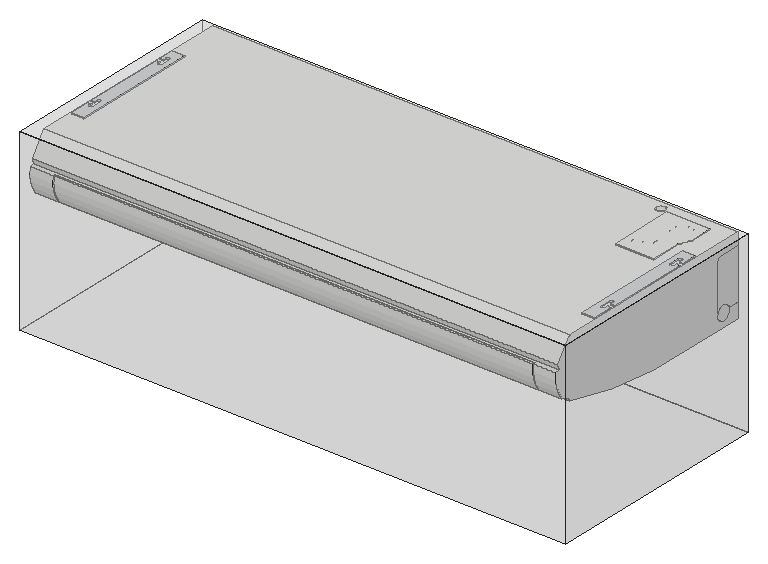
Revit family "outputfile", category 機械設備, Revit 2024
Family settings
  丸型コネクタ寸法 = 半径を使用
  パーツ タイプ = 標準
  OmniClass 番号 = 23.75.10.24.21.27.27
  OmniClass タイトル = Split System Air Conditioning Units
  作業面ベース = いいえ
  常に垂直 = はい
  ロード時にボイドで切り取り = いいえ
  注釈の向きを維持 = いいえ
  共有 = いいえ
  部屋計算ポイント = はい
Parameters (values of type "FXHQ125BVMS")
  Description = ""
  製造元 = "Daikin"
  書き出し IFC クラス(タイプ) = "IfcUnitaryEquipmentType"
  定義済み IFC タイプ(タイプ) = "AIRCONDITIONINGUNIT"
  Cost = 0
  モデル = "FXHQ125BVMS"
  Type Comments = ""
  Keynote = ""
  Type Image = (empty or 0)
  Assembly Code = ""
  r_Liquid Pipe Size = Liquid Pipe Size / 2  # 4.75 mm
  r_Gas Pipe Size = Gas Pipe Size / 2  # 7.95 mm
  r_Drain Pipe Size = Drain Pipe Size / 2  # 10.0 mm
  l_powersupply [instance] = if(Rear Right Connection_powersupply, 29.0 mm, 175.0 mm)  # 29.0 mm
  h_mountinghole = 2.0 mm  # constant formula
  angle_vertical_powersupply [instance] = if(Rear Right Connection_powersupply, 90.00°, 180.00°)  # 90.00°
  angle_vertical_drainpipe [instance] = if(or(Left Connection_drainpipe, Right Connection_drainpipe), 90.00°, if(Top Connection_drainpipe, 180.00°, -90.00°))  # -90.00°
  angle_horizontal_powersupply [instance] = if(Rear Right Connection_powersupply, 180.00°, 0.00°)  # 180.00°
  angle_horizontal_drainpipe [instance] = if(Right Connection_drainpipe, 90.00°, if(Left Connection_drainpipe, -90.00°, 0.00°))  # 0.00°
  Voltage_comment_50Hz = "220-240"
  Voltage_50Hz = 220 V
  URL = ""
  Top Connection_refrigerant [instance] = no
  Top Connection_powersupply [instance] = not(Rear Right Connection_powersupply)  # no
  Sound Power Level_H speed (dB) = 0
  Right Connection_refrigerant [instance] = no
  Rear Right Connection_refrigerant [instance] = yes
  Phase_50Hz = 1
  Minimum Circuit Amps_50Hz = 1.4 A
  Maximum Fuse Amps_50Hz = 15.0 A
  Material_Casing = DAIKIN_White_Casing_indoorunit
  lw_powersupply [instance] = if(Rear Right Connection_powersupply, 220.0 mm, 210.0 mm)  # 220.0 mm
  lw_mountinghole_pitch = 1550.0 mm  # constant formula
  lw_mountinghole = 20.0 mm  # constant formula
  lw_liquidpipe [instance] = if(Right Connection_refrigerant, 156.0 mm, if(Top Connection_refrigerant, 156.0 mm, 136.0 mm))  # 136.0 mm
  lw_gaspipe = 105.0 mm  # constant formula
  lw_drainpipe [instance] = if(Top Connection_drainpipe, 102.0 mm, if(or(Left Connection_drainpipe, Rear Left Connection_drainpipe), 1514.0 mm, 83.0 mm))  # 83.0 mm
  lh_powersupply = 175.0 mm  # constant formula
  lh_liquidpipe [instance] = if(Rear Right Connection_refrigerant, 160.0 mm, 131.0 mm)  # 160.0 mm
  lh_gaspipe [instance] = if(Rear Right Connection_refrigerant, 150.0 mm, 91.0 mm)  # 150.0 mm
  lh_drainpipe = 197.0 mm  # constant formula
  l_antena = 1.0 mm  # constant formula
  ld_powersupply = 30.0 mm  # constant formula
  ld_mountinghole_pitch = 260.0 mm  # constant formula
  ld_mountinghole = 210.0 mm  # constant formula
  ld_liquidpipe [instance] = if(Right Connection_refrigerant, 57.0 mm, if(Top Connection_refrigerant, 189.0 mm, 221.0 mm))  # 221.0 mm
  ld_gaspipe [instance] = if(Right Connection_refrigerant, 57.0 mm, if(Top Connection_refrigerant, 163.0 mm, 214.0 mm))  # 214.0 mm
  ld_drainpipe [instance] = if(or(Left Connection_drainpipe, Right Connection_drainpipe), 57.0 mm, if(Top Connection_drainpipe, 87.0 mm, 268.0 mm))  # 268.0 mm
  l_liquidpipe_length [instance] = if(Right Connection_refrigerant, 156.0 mm, if(Top Connection_refrigerant, 131.0 mm, 220.0 mm))  # 220.0 mm
  l_gaspipe_length [instance] = if(Right Connection_refrigerant, 105.0 mm, if(Top Connection_refrigerant, 91.0 mm, 213.0 mm))  # 213.0 mm
  l_drainpipe_length [instance] = if(Right Connection_drainpipe, 83.0 mm, if(Top Connection_drainpipe, 197.0 mm, if(Left Connection_drainpipe, 76.0 mm, 267.0 mm)))  # 267.0 mm
  h*** = 0.0 mm  # constant formula
  angle_vertical [instance] = if(Right Connection_refrigerant, 90.00°, if(Top Connection_refrigerant, 180.00°, -90.00°))  # -90.00°
  angle_horizontal [instance] = if(Right Connection_refrigerant, 90.00°, 0.00°)  # 0.00°
  Width = 1590.0 mm
  Version = "ver.1.0"
  Unit Type = "Ceiling Suspended Type"
  Unit Mass Weight = 39.00 kg
  Unit Designation [instance] = ""
  Uniclass2015Version = "Products v1.30"
  Uniclass2015Title = "Variable refrigerant flow units"
  Uniclass2015Code = "Pr_70_65_03_94"
  Total Heating Capacity [instance] = 0.000 kW
  Total Cooling Capacity [instance] = 0.000 kW
  Top Connection_drainpipe [instance] = no
  Sound Pressure Level_M speed (dBA) = 0
  Sound Pressure Level_L speed (dBA) = 37
  Sound Pressure Level_H speed (dBA) = 46
  Series = "VRV Fan Coil Unit"
  Sensible Cooling Capacity [instance] = 0.000 kW
  Rear Right Connection_drainpipe [instance] = yes
  Rear Right Connection_powersupply [instance] = yes
  Right Connection_drainpipe [instance] = no
  Refrigerant Type = "R410A"
  Power Input (Heating) = 0.168 kW
  Power Input (Cooling) = 0.168 kW
  Option Accessory 3 [instance] = ""
  Option Accessory 2 [instance] = ""
  Option Accessory 1 [instance] = ""
  Nominal Heating Capacity = 16.000 kW
  Nominal Cooling Capacity = 14.100 kW
  Minimum Airflow = 1200.00 m³/h
  Median Airflow = 0.00 m³/h
  Maximum Airflow = 2040.00 m³/h
  Load Classification = HVAC
  Liquid Pipe Size = 9.5 mm
  Link_Nested Family [instance] = ""
  Rear Left Connection_drainpipe [instance] = no
  Left Connection_drainpipe [instance] = no
  IfcVersion = "0"
  IfcExportType = "AIRCONDITIONINGUNIT"
  IfcExportAs = "IfcUnitaryEquipmentType"
  Height = 235.0 mm
  Heating Entering Wet Bulb Temperature [instance] = 0.00 °C
  Heating Entering Dry Bulb Temperature [instance] = 0.00 °C
  Heating Ambient Wet Bulb Temperature [instance] = 0.00 °C
  Heating Ambient Dry Bulb Temperature [instance] = 0.00 °C
  Heat Exchanger Type = "Cross Fin Coil"
  Gas Pipe Size = 15.9 mm
  Frequency_50Hz = 50 Hz
  Fan Type = "Sirocco Fan"
  Fan Drive = "Direct Drive"
  FCU Tag No. [instance] = ""
  Drain Pipe Size = 20.0 mm
  Design Supply Airflow [instance] = 0.00 m³/h
  Design Outdoor Airflow [instance] = 0.00 m³/h
  Depth = 690.0 mm
  既定の高さ = 0.0 mm
  Cooling Entering Wet Bulb Temperature [instance] = 0.00 °C
  Cooling Entering Dry Bulb Temperature [instance] = 0.00 °C
  Cooling Ambient Wet Bulb Temperature [instance] = 0.00 °C
  Cooling Ambient Dry Bulb Temperature [instance] = 0.00 °C
  Clearance visibility [instance] = yes
  Clearance Top = 5.0 mm
  Clearance Right = 30.0 mm
  Clearance Rear = 0.0 mm
  Clearance Left = 30.0 mm
  Clearance Front = 0.0 mm
  Clearance Bottom = 300.0 mm
Reference planes
  plane 1 "Back": y = 0
  plane 2: z = 0
  plane 3 "Center (Left/Right)": x = 0
  plane 4 "Center (Front/Back)": y = -1
  plane 5 "Front": y = -690
  plane 6 "Left": x = -795
  plane 7 "Right": x = 795
  plane 8 "Top": z = 0
  plane 9 "Bottom": z = -235
  plane 10: y = -690
  plane 11: x = -825
  plane 12: x = 825
  plane 13: z = 5
  plane 14: z = -535
  plane 15: y = 0
  plane 16 "lw_mountinghole": x = -775
  plane 17 "lw_mountinghole2": x = 775
  plane 18 "ld_mountinghole": y = -210
  plane 19 "ld_mountinghole2": y = -470
  plane 20 "lw_gaspipe": x = 690
  plane 21 "ld_gaspipe": y = -214
  plane 22 "lh_gaspipe": z = -150
  plane 23 "lw_liquidpipe": x = 659
  plane 24 "ld_liquidpipe": y = -221
  plane 25 "lh_liquidpipe": z = -160
  plane 26 "ld_drainpipe": y = -268
  plane 27 "lw_drainpipe": x = 712
  plane 28 "lh_drainpipe": z = -197
  plane 29 "lw_powersupply": x = 575
  plane 30 "lh_powersupply": z = -175
  plane 31 "ld_powersupply": y = -30
Forms (mm)
  Extrusion 1, solid, material "DAIKIN_White_Casing_indoorunit" <- "Material_Casing"
    sketch origin (0, 0, 0) x (0, 1, 0) y (0, 0, 1)
      loop
        line (-639.277, 0) -> (-680.876, -61.699) -> (-675.026, -77.772)
        arc (-675.026, -77.772) -> (-681.815, -78.743) -> (-688.601, -79.732) r 2634.132
        arc (-688.601, -79.732) -> (-687.018, -121.096) -> (-669.159, -158.439) r 102.2
        line (-669.159, -158.439) -> (-639.858, -169.325) -> (-635.895, -178.261)
        arc (-635.895, -178.261) -> (-479.121, -215.759) -> (-319.077, -235) r 1400.997
        line (-319.077, -235) -> (-1, -235) -> (-1, 0) -> (-639.277, 0)
    from -795 to 795
  Extrusion 2, solid, material "DAIKIN_White_Casing_indoorunit" <- "Material_Casing"
    sketch origin (0, 0, 0) x (0, 1, 0) y (0, 0, 1)
      loop
        arc (-688.601, -79.732) -> (-687.018, -121.096) -> (-669.159, -158.439) r 102.2
        line (-669.159, -158.439) -> (-665.589, -154.869)
        arc (-665.589, -154.869) -> (-682.432, -118.783) -> (-683.39, -78.971) r 97.2
        arc (-683.39, -78.971) -> (-685.996, -79.351) -> (-688.601, -79.732) r 2634.132
    from -725.5 to 725.5
  Extrusion 3, void
    sketch origin (0, 0, 0) x (0, 1, 0) y (0, 0, 1)
      loop
        line (-301.098, -235) -> (-21.098, -235) -> (-21.098, -230) -> (-301.098, -230) -> (-301.098, -235)
    from -750 to 750
  Extrusion 4, solid, material "DAIKIN_White_Grille_indoorunit"
    sketch origin (0, 0, 0) x (0, 1, 0) y (0, 0, 1)
      loop
        line (-20.098, -230) -> (-301.098, -230) -> (-301.098, -235) -> (-20.098, -235) -> (-20.098, -230)
    from -750 to 750
  Extrusion 5, solid, material "DAIKIN_White_Casing_indoorunit" <- "Material_Casing"
    sketch origin (0, 0, 0) x (1, 0, 0) y (0, 0, 1)
      loop
        line (602, -63) -> (602, -178) -> (673, -220) -> (736, -220) -> (736, -63) -> (602, -63)
    from 0 to 1
  Extrusion 6, solid, material "DAIKIN_White_Casing_indoorunit" <- "Material_Casing"
    sketch origin (0, 0, 0) x (-1, 0, 0) y (0, -1, 0)
      loop
        line (-607, 35) -> (-607, 230) -> (-723, 230) -> (-723, 135) -> (-738, 105) -> (-738, 35) -> (-607, 35)
    from 0 to 1.9
  Extrusion 7, void
    sketch origin (795, 0, 0) x (0, 1, 0) y (0, 0, 1)
      loop
        arc (-79.5, -195) -> (-55.446, -217.446) -> (-34.715, -191.9) r 22.5
        line (-34.715, -191.9) -> (-1, -191.9) -> (-1, -190.1) -> (-35.04, -190.1)
        arc (-35.04, -190.1) -> (-54.942, -172.594) -> (-77.7, -186.182) r 22.5
        line (-77.7, -186.182) -> (-77.7, -43)
        arc (-77.7, -43) -> (-76.528, -40.172) -> (-73.7, -39) r 4
        line (-73.7, -39) -> (-1, -39) -> (-1, -37.2) -> (-73.7, -37.2)
        arc (-73.7, -37.2) -> (-77.801, -38.899) -> (-79.5, -43) r 5.8
        line (-79.5, -43) -> (-79.5, -195)
      loop
        circle (-57, -195) r 20.7
    from 0 to -10
  Extrusion 8, void
    sketch origin (-1444.026, -1, 1200) x (1, 0, 0) y (0, 0, 1)
      loop
        arc (715.026, -1375) -> (704.42, -1379.393) -> (700.026, -1390) r 15
        line (700.026, -1390) -> (700.026, -1400)
        arc (700.026, -1400) -> (704.42, -1410.607) -> (715.026, -1415) r 15
        line (715.026, -1415) -> (745.026, -1415)
        arc (745.026, -1415) -> (755.633, -1410.607) -> (760.026, -1400) r 15
        line (760.026, -1400) -> (760.026, -1390)
        arc (760.026, -1390) -> (755.633, -1379.393) -> (745.026, -1375) r 15
        line (745.026, -1375) -> (715.026, -1375)
    from 0 to 10
  Extrusion 9, void
    sketch origin (-795, 0, 0) x (0, 1, 0) y (0, 0, 1)
      loop
        circle (-57, -197) r 22.5
    from 0 to 10
  Extrusion 10, void
    sketch origin (-1444.026, -1, 1200) x (1, 0, 0) y (0, 0, 1)
      loop
        circle (2136.026, -1375) r 44
    from 0 to 10
  Extrusion 11, void
    sketch origin (0, 0, 0) x (-1, 0, 0) y (0, -1, 0)
      loop
        circle (-693, 87) r 30
    from 0 to -10
  Extrusion 12, void
    sketch origin (0, 0, 0) x (-1, 0, 0) y (0, -1, 0)
      loop
        circle (-690, 163) r 18
    from 0 to -10
  Extrusion 13, void
    sketch origin (0, 0, 0) x (-1, 0, 0) y (0, -1, 0)
      loop
        circle (-639, 189) r 13
    from 0 to -10
  Extrusion 14, void
    sketch origin (-1444.026, -1, 1200) x (1, 0, 0) y (0, 0, 1)
      loop
        circle (2019.026, -1375) r 14.5
    from 0 to 10
  Extrusion 15, void
    sketch origin (0, 0, 0) x (-1, 0, 0) y (0, -1, 0)
      loop
        circle (-585, 30) r 14.5
    from 0 to -10
  Extrusion 16, void
    sketch origin (795, 0, 0) x (0, 1, 0) y (0, 0, 1)
      loop
        arc (-665.589, -154.869) -> (-682.432, -118.783) -> (-683.39, -78.971) r 97.2
        arc (-683.39, -78.971) -> (-685.996, -79.351) -> (-688.601, -79.732) r 2634.132
        arc (-688.601, -79.732) -> (-687.018, -121.096) -> (-669.159, -158.439) r 102.2
        line (-669.159, -158.439) -> (-665.589, -154.869)
    from -69.5 to -1520.5
  Extrusion 17, solid, material "DAIKIN_White_Casing_indoorunit" <- "Material_Casing"
    sketch origin (-795, 0, 0) x (0, 1, 0) y (0, 0, 1)
      loop
        circle (-57, -197) r 22.5
    from 0 to 10
  Extrusion 18, solid
    sketch origin (0, 0, 0) x (-1, 0, 0) y (0, -1, 0)
      loop
        line (781, 223.998) -> (781, 215.998) -> (791.2, 215.998) -> (791.2, 463.998) -> (781, 463.998) -> (781, 455.998)
        arc (781, 455.998) -> (775, 449.998) -> (769, 455.998) r 6
        line (769, 455.998) -> (769, 483.998)
        arc (769, 483.998) -> (775, 489.998) -> (781, 483.998) r 6
        line (781, 483.998) -> (781, 475.998) -> (791.2, 475.998) -> (791.2, 538.998) -> (752.798, 538.998) -> (752.798, 158.998) -> (791.2, 158.998) -> (791.2, 203.998) -> (781, 203.998) -> (781, 195.998)
        arc (781, 195.998) -> (775, 189.998) -> (769, 195.998) r 6
        line (769, 195.998) -> (769, 223.998)
        arc (769, 223.998) -> (775, 229.998) -> (781, 223.998) r 6
      loop
        line (-769, 223.998) -> (-769, 195.998)
        arc (-769, 195.998) -> (-775, 189.998) -> (-781, 195.998) r 6
        line (-781, 195.998) -> (-781, 203.998) -> (-791.2, 203.998) -> (-791.2, 158.998) -> (-752.798, 158.998) -> (-752.798, 538.998) -> (-791.2, 538.998) -> (-791.2, 475.998) -> (-781, 475.998) -> (-781, 483.998)
        arc (-781, 483.998) -> (-775, 489.998) -> (-769, 483.998) r 6
        line (-769, 483.998) -> (-769, 455.998)
        arc (-769, 455.998) -> (-775, 449.998) -> (-781, 455.998) r 6
        line (-781, 455.998) -> (-781, 463.998) -> (-791.2, 463.998) -> (-791.2, 215.998) -> (-781, 215.998) -> (-781, 223.998)
        arc (-781, 223.998) -> (-775, 229.998) -> (-769, 223.998) r 6
    from 0 to 2
Cuts and joins
  Extrusion 3, Extrusion 7, Extrusion 8, Extrusion 9, Extrusion 10, Extrusion 11, Extrusion 12, Extrusion 13, Extrusion 14, Extrusion 15, Extrusion 16 cuts Extrusion 1
Lines and regions (mm)
  reference lines
    curve 1: line (795, -580.282, -192.75) -> (795, -551.225, -200.21)
Dimensions and locks
  equal spacing: plane 6 "Left", plane 3 "Center (Left/Right)", plane 7 "Right"
  "Width": plane 6 "Left" to plane 7 "Right"
  "Depth": plane 5 "Front" to plane 1 "Back"
  "Height": plane 8 "Top" to plane 9 "Bottom"
  "Clearance Front": plane 10 to plane 5 "Front"
  "Clearance Left": plane 11 to plane 6 "Left"
  "Clearance Right": plane 7 "Right" to plane 12
  "Clearance Top": plane 13 to plane 8 "Top"
  "Clearance Bottom": plane 9 "Bottom" to plane 14
  "Clearance Rear": plane 1 "Back" to plane 15
  locked: plane 4 "Center (Front/Back)" to plane 1 "Back" at 1
  locked: Extrusion 1 sketch curve to Extrusion 1 sketch curve at 235
  locked: Extrusion 1 sketch curve to Extrusion 1 sketch curve at 318.077
  locked: Extrusion 1 sketch curve to Extrusion 1 sketch curve at 1163.297
  locked: Extrusion 1 sketch curve to Extrusion 1 sketch curve at 231.144
  Extrusion 3 sketch curve to Extrusion 3 sketch curve to plane 1 "Back" = 280.0 mm locked, 21.098 mm locked
  "ld_mountinghole": plane 18 "ld_mountinghole" to plane 1 "Back"
  "ld_mountinghole_pitch": plane 18 "ld_mountinghole" to plane 19 "ld_mountinghole2"
  "lw_mountinghole_pitch": plane 16 "lw_mountinghole" to plane 17 "lw_mountinghole2"
  "lw_mountinghole": plane 6 "Left" to plane 16 "lw_mountinghole"
  "lw_gaspipe": plane 20 "lw_gaspipe" to plane 7 "Right"
  "ld_gaspipe": plane 1 "Back" to plane 21 "ld_gaspipe"
  "lw_liquidpipe": plane 23 "lw_liquidpipe" to plane 7 "Right"
  "ld_liquidpipe": plane 1 "Back" to plane 24 "ld_liquidpipe"
  "lw_drainpipe": plane 27 "lw_drainpipe" to plane 7 "Right"
  "ld_drainpipe": plane 26 "ld_drainpipe" to plane 1 "Back"
  plane 8 "Top" to Extrusion 5 sketch curve to Extrusion 5 sketch curve = 63.0 mm locked, 157.0 mm locked
  plane 7 "Right" to Extrusion 5 sketch curve to Extrusion 5 sketch curve = 59.0 mm locked, 134.0 mm locked
  locked: Extrusion 5 sketch curve to Extrusion 5 sketch curve at 115
  locked: Extrusion 5 sketch curve to Extrusion 5 sketch curve at 63
  locked: Extrusion 6 sketch curve to Extrusion 6 sketch curve at 195
  locked: Extrusion 6 sketch curve to Extrusion 6 sketch curve at 116
  locked: Extrusion 6 sketch curve to Extrusion 6 sketch curve at 131
  locked: Extrusion 6 sketch curve to Extrusion 6 sketch curve at 100
  locked: Extrusion 6 sketch curve to plane 1 "Back" at 35
  locked: Extrusion 6 sketch curve to plane 7 "Right" at 57
  locked: Extrusion 8 sketch curve to Extrusion 8 sketch curve at 40
  locked: Extrusion 8 sketch curve to Extrusion 8 sketch curve at 60
  locked: plane 8 "Top" to Extrusion 8 sketch curve at 175
  locked: Extrusion 8 sketch curve to plane 6 "Left" at 51
  locked: plane 7 "Right" to Extrusion 10 sketch curve at 103
  locked: plane 8 "Top" to Extrusion 10 sketch curve at 175
  locked: Extrusion 11 sketch curve to plane 1 "Back" at 87
  locked: Extrusion 11 sketch curve to plane 7 "Right" at 102
  locked: Extrusion 12 sketch curve to plane 1 "Back" at 163
  locked: Extrusion 12 sketch curve to plane 7 "Right" at 105
  locked: Extrusion 13 sketch curve to plane 1 "Back" at 189
  locked: Extrusion 13 sketch curve to plane 7 "Right" at 156
  "lw_powersupply": plane 29 "lw_powersupply" to plane 7 "Right"
  "lh_gaspipe": plane 8 "Top" to plane 22 "lh_gaspipe"
  "lh_liquidpipe": plane 8 "Top" to plane 25 "lh_liquidpipe"
  "lh_powersupply": plane 8 "Top" to plane 30 "lh_powersupply"
  "lh_drainpipe": plane 8 "Top" to plane 28 "lh_drainpipe"
  "ld_powersupply": plane 1 "Back" to plane 31 "ld_powersupply"
  locked: plane 8 "Top" to Extrusion 7 sketch curve at 195
  locked: Extrusion 7 sketch curve to plane 1 "Back" at 57
  locked: plane 9 "Bottom" to Extrusion 7 sketch curve at 43.1
  locked: Extrusion 7 sketch curve to plane 8 "Top" at 39
  locked: Extrusion 7 sketch curve to plane 1 "Back" at 79.5
  locked: Extrusion 9 sketch curve to plane 1 "Back" at 57
  locked: plane 8 "Top" to Extrusion 9 sketch curve at 197
  locked: Extrusion 17 sketch curve to plane 1 "Back" at 57
  locked: plane 8 "Top" to Extrusion 17 sketch curve at 197
  locked: plane 7 "Right" to Extrusion 14 sketch curve at 220
  locked: plane 8 "Top" to Extrusion 14 sketch curve at 175
  locked: Extrusion 15 sketch curve to plane 7 "Right" at 210
  locked: Extrusion 15 sketch curve to plane 1 "Back" at 30
  locked: curve 1 to plane 9 "Bottom" at 34.79
  locked: curve 1 to plane 9 "Bottom" at 42.25
  locked: curve 1 to plane 9 "Bottom" (angle 14.40°)
  aligned and locked: level to plane 2
  aligned and locked: nested 1 to plane 11
  aligned and locked: nested 1 to plane 12
  aligned and locked: nested 1 to plane 10
  aligned and locked: plane 13 to nested 1
  aligned and locked: plane 14 to nested 1
  aligned and locked: plane 15 to nested 1
  aligned and locked: Extrusion 1 sketch curve to plane 8 "Top"
  aligned and locked: Extrusion 2 sketch curve to Extrusion 1  (x2)
  aligned and locked: plane 7 "Right" to Extrusion 1
  aligned and locked: Extrusion 1 to plane 6 "Left"
  aligned and locked: cut or joined group 1 (Extrusion 1, Extrusion 3, Extrusion 7, Extrusion 8, Extrusion 9, Extrusion 10, Extrusion 11, Extrusion 12, Extrusion 13, Extrusion 14, Extrusion 15, Extrusion 16) to Extrusion 3 sketch curve
  aligned and locked: cut or joined group 1 to Extrusion 4 sketch curve
  aligned and locked: Extrusion 5 to plane 4 "Center (Front/Back)"
  aligned and locked: Extrusion 7 sketch curve to plane 4 "Center (Front/Back)"
  aligned and locked: Extrusion 16 sketch curve to Extrusion 2  (x4)
  aligned and locked: Extrusion 16 to Extrusion 2  (x2)
  aligned and locked: nested 2 to plane 26 "ld_drainpipe"
  aligned and locked: plane 27 "lw_drainpipe" to nested 2
  aligned and locked: plane 20 "lw_gaspipe" to nested 3
  aligned and locked: nested 3 to plane 21 "ld_gaspipe"
  aligned and locked: plane 23 "lw_liquidpipe" to nested 4
  aligned and locked: nested 4 to plane 24 "ld_liquidpipe"
  aligned and locked: plane 25 "lh_liquidpipe" to nested 4
  aligned and locked: Extrusion 4 sketch curve to cut or joined group 1
  aligned and locked: nested 5 to plane 31 "ld_powersupply"
  aligned and locked: plane 29 "lw_powersupply" to nested 5
  aligned and locked: nested 7 to plane 18 "ld_mountinghole"
  aligned and locked: plane 16 "lw_mountinghole" to nested 7
  aligned and locked: nested 6 to plane 19 "ld_mountinghole2"
  aligned and locked: plane 16 "lw_mountinghole" to nested 6
  aligned and locked: nested 9 to plane 18 "ld_mountinghole"
  aligned and locked: plane 17 "lw_mountinghole2" to nested 9
  aligned and locked: plane 17 "lw_mountinghole2" to nested 8
  aligned and locked: nested 8 to plane 19 "ld_mountinghole2"
  aligned and locked: nested 10 to curve 1
  aligned and locked: level to plane 8 "Top"
Automatic sketch dimensions
  Extrusion 1 sketch curve to plane 5 "Front" = 9.124 mm
  Extrusion 1 sketch curve to plane 8 "Top" = 61.699 mm
  Extrusion 1 sketch curve to plane 5 "Front" = 14.974 mm
  Extrusion 1 sketch curve to plane 5 "Front" = 50.723 mm
  Extrusion 1 sketch curve to Extrusion 1 sketch curve = 16.072 mm
  Extrusion 1 sketch curve to plane 5 "Front" = 54.105 mm
  Extrusion 1 sketch curve to Extrusion 1 sketch curve = 87.226 mm
  Extrusion 1 sketch curve to plane 4 "Center (Front/Back)" = 304.278 mm
  Extrusion 1 sketch curve to Extrusion 1 sketch curve = 18.815 mm
  Extrusion 1 sketch curve to plane 5 "Front" = 1.399 mm
  Extrusion 1 sketch curve to plane 5 "Front" = 20.841 mm
  Extrusion 1 sketch curve to Extrusion 1 sketch curve = 3.963 mm
  Extrusion 1 sketch curve to Extrusion 1 sketch curve = 1.961 mm
  Extrusion 1 sketch curve to Extrusion 1 sketch curve = 8.936 mm
  Extrusion 1 sketch curve to plane 4 "Center (Front/Back)" = 0.0 mm
  Extrusion 2 sketch curve to Extrusion 2 sketch curve = 0.0 mm  (x2)
  Extrusion 2 sketch curve to Extrusion 2 sketch curve = 5.21 mm
  Extrusion 2 sketch curve to Extrusion 2 sketch curve = 3.57 mm  (x2)
  plane 9 "Bottom" to Extrusion 3 sketch curve = 5.0 mm
  Extrusion 6 sketch curve to Extrusion 6 sketch curve = 30.0 mm
  Extrusion 8 sketch curve to plane 28 "lh_drainpipe" = 3.0 mm  (x2)
  Extrusion 7 sketch curve to Extrusion 7 sketch curve = 0.0 mm  (x6)
  Extrusion 7 sketch curve to plane 4 "Center (Front/Back)" = 0.0 mm  (x2)
  Extrusion 7 sketch curve to Extrusion 7 sketch curve = 1.8 mm  (x2)
  Extrusion 7 sketch curve to Extrusion 7 sketch curve = 0.325 mm
  Extrusion 7 sketch curve to Extrusion 7 sketch curve = 4.0 mm
  plane 9 "Bottom" to Extrusion 4 sketch curve = 5.0 mm
  plane 31 "ld_powersupply" to Extrusion 4 sketch curve = 9.902 mm
  Extrusion 18 sketch curve to plane 17 "lw_mountinghole2" = 0.0 mm  (x4)
  Extrusion 18 sketch curve to plane 16 "lw_mountinghole" = 0.0 mm  (x4)
  plane 17 "lw_mountinghole2" to Extrusion 18 sketch curve = 6.0 mm  (x2)
  Extrusion 18 sketch curve to plane 7 "Right" = 3.8 mm  (x3)
  plane 16 "lw_mountinghole" to Extrusion 18 sketch curve = 22.202 mm
  plane 16 "lw_mountinghole" to Extrusion 18 sketch curve = 6.0 mm
  Extrusion 18 sketch curve to Extrusion 18 sketch curve = 6.0 mm
  plane 6 "Left" to Extrusion 18 sketch curve = 3.8 mm  (x3)
  plane 18 "ld_mountinghole" to Extrusion 18 sketch curve = 51.002 mm  (x2)
  plane 18 "ld_mountinghole" to Extrusion 18 sketch curve = 14.002 mm  (x2)
  plane 18 "ld_mountinghole" to Extrusion 18 sketch curve = 6.002 mm  (x2)
  Extrusion 18 sketch curve to plane 18 "ld_mountinghole" = 5.998 mm  (x2)
  Extrusion 18 sketch curve to Extrusion 18 sketch curve = 8.0 mm  (x3)
  plane 19 "ld_mountinghole2" to Extrusion 18 sketch curve = 14.002 mm  (x2)
  plane 19 "ld_mountinghole2" to Extrusion 18 sketch curve = 6.002 mm  (x2)
  Extrusion 18 sketch curve to plane 19 "ld_mountinghole2" = 5.998 mm  (x2)
  Extrusion 18 sketch curve to plane 19 "ld_mountinghole2" = 13.998 mm
  Extrusion 18 sketch curve to Extrusion 18 sketch curve = 55.0 mm  (x2)
  Extrusion 18 sketch curve to plane 17 "lw_mountinghole2" = 22.202 mm
  curve 1 to plane 5 "Front" = 109.718 mm
  Extrusion 8 sketch curve to Extrusion 8 sketch curve = 15.0 mm  (x2)
  radius of Extrusion 10 sketch curve = 44.0 mm
  radius of Extrusion 11 sketch curve = 30.0 mm
  radius of Extrusion 12 sketch curve = 18.0 mm
  radius of Extrusion 13 sketch curve = 13.0 mm
  radius of Extrusion 15 sketch curve = 14.5 mm
  radius of Extrusion 14 sketch curve = 14.5 mm
  radius of Extrusion 7 sketch curve = 20.7 mm
  radius of Extrusion 9 sketch curve = 22.5 mm
  radius of Extrusion 17 sketch curve = 22.5 mm
Nested families
  nested 1: "daikin_clearancespace" at (0, -345, -264.881), visible <- "Clearance visibility", show <- "Clearance visibility", Link_Nested Family <- "Link_Nested Family", type "daikin_clearancespace"
    with width 1650.0 mm, show yes, height 540.0 mm, depth 690.0 mm, Link_Nested Family ""
  nested 2: "daikin_connector_rotate3" at (712, -268, -197), radius <- "r_Drain Pipe Size", angle_vertical <- "angle_vertical_drainpipe", angle_horizontal <- "angle_horizontal_drainpipe", length <- "l_drainpipe_length", type "daikin_connector_rotate3"
    with show no, radius 10.0 mm, length 267.0 mm, angle_vertical -90.00°, angle_horizontal 0.00°
  nested 3: "daikin_connector_rotate3" at (690, -214, -150), radius <- "r_Gas Pipe Size", angle_vertical <- "angle_vertical", angle_horizontal <- "angle_horizontal", length <- "l_gaspipe_length", type "daikin_connector_rotate3"
    with show no, radius 7.95 mm, length 213.0 mm, angle_vertical -90.00°, angle_horizontal 0.00°
  nested 4: "daikin_connector_rotate3" at (659, -221, -160), radius <- "r_Liquid Pipe Size", angle_vertical <- "angle_vertical", angle_horizontal <- "angle_horizontal", length <- "l_liquidpipe_length", type "daikin_connector_rotate3"
    with show no, radius 4.75 mm, length 220.0 mm, angle_vertical -90.00°, angle_horizontal 0.00°
  nested 5: "daikin_connector_rotate3" at (575, -30, -175), length <- "l_powersupply", angle_vertical <- "angle_vertical_powersupply", angle_horizontal <- "angle_horizontal_powersupply", type "daikin_connector_rotate3"
    with show no, radius 10.0 mm, length 29.0 mm, angle_vertical 90.00°, angle_horizontal 180.00°
  nested 6: "daikin_mountinghole" at (-775, -470, 0), l_antenna <- "l_antena", Link_Nested Family <- "Link_Nested Family", h_mountinghole <- "h_mountinghole", type "daikin_mountinghole"
    with show yes, l_antenna 1.0 mm, h_mountinghole 2.0 mm, Link_Nested Family ""
  nested 7: "daikin_mountinghole" at (-775, -210, 0), l_antenna <- "l_antena", Link_Nested Family <- "Link_Nested Family", h_mountinghole <- "h_mountinghole", type "daikin_mountinghole"
    with show yes, l_antenna 1.0 mm, h_mountinghole 2.0 mm, Link_Nested Family ""
  nested 8: "daikin_mountinghole" at (775, -470, 0), l_antenna <- "l_antena", Link_Nested Family <- "Link_Nested Family", h_mountinghole <- "h_mountinghole", type "daikin_mountinghole"
    with show yes, l_antenna 1.0 mm, h_mountinghole 2.0 mm, Link_Nested Family ""
  nested 9: "daikin_mountinghole" at (775, -210, 0), Link_Nested Family <- "Link_Nested Family", l_antenna <- "l_antena", h_mountinghole <- "h_mountinghole", type "daikin_mountinghole"
    with show yes, l_antenna 1.0 mm, h_mountinghole 2.0 mm, Link_Nested Family ""
  nested 10: "daikin_logo_plane_w40" at (647.963, -559.801, -198.008) x (1, 0, 0) z (0, -0.2487, -0.9686), type "daikin_logo_plane_w40"
    with show_logo yes
Connectors
  piping at (712, -1, -197), diameter 20, driven by "r_Drain Pipe Size"
    settings: on nested 2, index 1, connector inside diameter 609.6 mm, connector length 0.0 mm, flow factor 0, pipe flow 0.00 m³/h, pressure drop 0.0 Pa, fitting loss kfactor 0, connector angle 0.00°, fixture units 0, engagement length 0.0 mm, angle of deflection 0.00°, flow configuration 1, flow direction 2, fitting loss method 4, system type 16, joint type 0, gender type 0, connector reference index -1, connector utility 0, adjustable connector no, is connector primary yes, connector description "Condensate Drain Piping"
  piping at (690, -1, -150), diameter 15.9, driven by "r_Gas Pipe Size"
    settings: on nested 3, index 3, connector inside diameter 609.6 mm, connector length 0.0 mm, flow factor 0, pipe flow 0.00 m³/h, pressure drop 0.0 Pa, fitting loss kfactor 0, connector angle 0.00°, fixture units 0, engagement length 0.0 mm, angle of deflection 0.00°, flow configuration 1, flow direction 2, fitting loss method 0, system type 29, joint type 0, gender type 0, connector reference index -1, connector utility 0, adjustable connector no, is connector primary no, connector description "Refrigerant Gas Piping"
  piping at (659, -1, -160), diameter 9.5, driven by "r_Liquid Pipe Size"
    settings: on nested 4, index 4, connector inside diameter 609.6 mm, connector length 0.0 mm, flow factor 0, pipe flow 0.00 m³/h, pressure drop 0.0 Pa, fitting loss kfactor 0, connector angle 0.00°, fixture units 0, engagement length 0.0 mm, angle of deflection 0.00°, flow configuration 1, flow direction 1, fitting loss method 0, system type 29, joint type 0, gender type 0, connector reference index -1, connector utility 0, adjustable connector no, is connector primary no, connector description "Refrigerant Liquid Piping"
  electrical at (575, -1, -175), driven by "Load Classification"
    settings: on nested 5, index 6, voltage 0 V, apparent load 0 VA, apparent load phase1 0 VA, apparent load phase2 0 VA, apparent load phase3 0 VA, power factor 1, load classification "HVAC", number of poles 1, system type 30, power factor state 1, is connector primary yes, connector utility no, sub classification motor no, connector description "Power Supply"
Definition of nested family "daikin_clearancespace"
  Parameters (values of type "daikin_clearancespace")
    width [instance] = 1823.963 mm
    show [instance] = yes
    material = none
    height [instance] = 1359.762 mm
    depth [instance] = 880.0 mm
    Default Elevation = 0.0 mm
    Link_Nested Family [instance] = ""
  Reference planes
    plane 1 "Center (Front/Back)": y = 0
    plane 2 "Center (Elevation)": z = -0.119
    plane 3 "Center (Left/Right)": x = 0
    plane 4: y = 440
    plane 5: y = -440
    plane 6 "Right": x = 911.982
    plane 7 "Left": x = -911.982
    plane 8 "Top": z = 679.762
    plane 9 "Bottom": z = -680
  Forms (mm)
    Extrusion 1, solid, material <- "material", visible <- "show"
      sketch origin (0, 0, 0) x (1, 0, 0) y (0, 1, 0)
        loop
          line (-911.982, 440) -> (-911.982, -440) -> (911.982, -440) -> (911.982, 440) -> (-911.982, 440)
      from -680 to 679.762
  Lines and regions (mm)
    symbolic lines, visible <- "show"
      curve 1: line (911.982, 440, 0) -> (-911.982, 440, 0)
      curve 2: line (-911.982, 440, 0) -> (-911.982, -440, 0)
      curve 3: line (-911.982, -440, 0) -> (911.982, -440, 0)
      curve 4: line (911.982, -440, 0) -> (911.982, 440, 0)
      curve 5: line (911.982, 0, 679.762) -> (-911.982, 0, 679.762)
      curve 6: line (911.982, 0, -680) -> (911.982, 0, 679.762)
      curve 7: line (-911.982, 0, -680) -> (911.982, 0, -680)
      curve 8: line (-911.982, 0, 679.762) -> (-911.982, 0, -680)
      curve 9: line (0, 440, 679.762) -> (0, -440, 679.762)
      curve 10: line (0, -440, 679.762) -> (0, -440, -680)
      curve 11: line (0, 440, -680) -> (0, 440, 679.762)
      curve 12: line (0, -440, -680) -> (0, 440, -680)
  Dimensions and locks
    "width": plane 7 "Left" to plane 6 "Right"
    "depth": plane 4 to plane 5
    "height": plane 8 "Top" to plane 9 "Bottom"
    equal spacing: plane 7 "Left", plane 3 "Center (Left/Right)", plane 6 "Right"
    equal spacing: plane 4, plane 1 "Center (Front/Back)", plane 5
    equal spacing: plane 8 "Top", plane 2 "Center (Elevation)", plane 9 "Bottom"
    aligned and locked: level to plane 2 "Center (Elevation)"
    aligned and locked: Extrusion 1 sketch curve to plane 4
    aligned and locked: plane 7 "Left" to Extrusion 1 sketch curve
    aligned and locked: Extrusion 1 sketch curve to plane 5
    aligned and locked: Extrusion 1 sketch curve to plane 6 "Right"
    aligned and locked: plane 8 "Top" to Extrusion 1
    aligned and locked: curve 1 to Extrusion 1
    aligned and locked: curve 2 to Extrusion 1
    aligned and locked: curve 3 to Extrusion 1
    aligned and locked: curve 4 to Extrusion 1
    aligned and locked: curve 5 to Extrusion 1
    aligned and locked: curve 6 to Extrusion 1
    aligned and locked: curve 7 to Extrusion 1
    aligned and locked: curve 8 to Extrusion 1
    aligned and locked: curve 9 to Extrusion 1
    aligned and locked: curve 10 to Extrusion 1
    aligned and locked: curve 11 to Extrusion 1
    aligned and locked: curve 12 to Extrusion 1
    aligned and locked: Extrusion 1 to plane 9 "Bottom"
Definition of nested family "daikin_logo_plane_w40"
  Parameters (values of type "daikin_logo_plane_w40")
    width = 40.0 mm
    show_logo [instance] = yes
    material = none
    height = 0.0 mm
    depth = 0.0 mm
    Default Elevation = 1219.2 mm
  Reference planes
    plane 1 "Center (Front/Back)": y = 0
    plane 2: z = 0
    plane 3 "Center (Left/Right)": x = 0
    plane 4: z = 2
    plane 5 "left": x = -19
    plane 6: x = 19
  Forms (mm)
    Extrusion 1, solid, visible <- "show_logo"
      sketch origin (-19, 0, 0) x (1, 0, 0) y (0, 1, 0)
        loop
          line (8.902, -1.878) -> (7.789, -6.332) -> (11.13, -6.332)
          arc (11.13, -6.332) -> (12.454, -6.064) -> (13.472, -5.176) r 2.642
          arc (13.472, -5.176) -> (13.92, -4.02) -> (13.767, -2.79) r 2.537
          arc (13.767, -2.79) -> (13.452, -2.342) -> (12.982, -2.06) r 1.321
          arc (12.982, -2.06) -> (12.063, -1.902) -> (11.13, -1.878) r 6.479
          line (11.13, -1.878) -> (8.902, -1.878)
        loop
          line (10.016, -5.441) -> (10.907, -5.441)
          arc (10.907, -5.441) -> (11.591, -4.983) -> (11.988, -4.261) r 1.742
          spline (11.988, -4.261) -> (12.01, -4.155) -> (12.027, -4.03) -> (12.037, -3.893) -> (12.037, -3.747) -> (12.026, -3.598) -> (12.002, -3.451) -> (11.962, -3.31) -> (11.905, -3.181) -> (11.829, -3.069) -> (11.731, -2.978) -> (11.61, -2.913) -> (11.464, -2.88)
          line (11.464, -2.88) -> (10.573, -2.88) -> (10.016, -5.441)
        loop
          line (13.58, -6.332) -> (14.805, -6.332) -> (15.223, -5.553) -> (16.977, -5.553) -> (17.144, -6.332) -> (19.149, -6.332) -> (18.258, -1.878) -> (16.03, -1.878) -> (13.58, -6.332)
        loop
          line (16.476, -3.214) -> (15.76, -4.551) -> (16.762, -4.551) -> (16.476, -3.214)
        loop
          line (19.705, -6.332) -> (21.599, -6.332) -> (22.712, -1.878) -> (20.819, -1.878) -> (19.705, -6.332)
        loop
          line (22.712, -6.332) -> (24.606, -6.332) -> (24.908, -5.122) -> (25.831, -6.332) -> (28.17, -6.332) -> (26.388, -3.994) -> (28.949, -1.878) -> (26.945, -1.878) -> (25.401, -3.153) -> (25.719, -1.878) -> (23.826, -1.878) -> (22.712, -6.332)
        loop
          line (29.84, -1.878) -> (28.615, -6.332) -> (30.62, -6.332) -> (31.734, -1.878) -> (29.84, -1.878)
        loop
          line (31.734, -6.332) -> (33.07, -6.332) -> (33.7, -3.814) -> (34.518, -6.332) -> (36.745, -6.332) -> (37.859, -1.878) -> (36.523, -1.878) -> (35.845, -4.589) -> (34.963, -1.878) -> (32.847, -1.878) -> (31.734, -6.332)
      from 0 to 2
    Extrusion 2, solid, visible <- "show_logo"
      sketch origin (-19, 0, 0) x (1, 0, 0) y (0, 1, 0)
        loop
          line (8.7, 0) -> (4.235, 0) -> (0, -3.879) -> (0, -8) -> (8.7, 0)
      from 0 to 2
    Extrusion 3, solid, visible <- "show_logo"
      sketch origin (-19, 0, 0) x (1, 0, 0) y (0, 1, 0)
        loop
          line (0, 0) -> (0, -3.879) -> (4.235, 0) -> (0, 0)
      from 0 to 2
  Dimensions and locks
    plane 4 to plane 2 = 2.0 mm
    equal spacing: plane 5 "left", plane 3 "Center (Left/Right)", plane 6
    locked: plane 5 "left" to plane 6 at 38
    aligned and locked: level to plane 2
    aligned and locked: Extrusion 3 to plane 1 "Center (Front/Back)"  (x2)
    aligned and locked: Extrusion 2 to plane 1 "Center (Front/Back)"  (x2)
    aligned and locked: plane 4 to Extrusion 1
    aligned and locked: plane 4 to Extrusion 3
    aligned and locked: plane 4 to Extrusion 2
    aligned and locked: Extrusion 3 to plane 5 "left"
    aligned and locked: Extrusion 2 to plane 5 "left"
  Automatic sketch dimensions
    Extrusion 1 sketch curve to Extrusion 1 sketch curve = 0.901 mm
    Extrusion 1 sketch curve to Extrusion 1 sketch curve = 1.559 mm
    Extrusion 1 sketch curve to Extrusion 1 sketch curve = 1.327 mm
    Extrusion 1 sketch curve to Extrusion 1 sketch curve = 2.145 mm
    Extrusion 1 sketch curve to Extrusion 1 sketch curve = 1.448 mm
    Extrusion 1 sketch curve to Extrusion 1 sketch curve = 2.116 mm
    Extrusion 1 sketch curve to Extrusion 1 sketch curve = 1.114 mm  (x4)
    Extrusion 1 sketch curve to Extrusion 1 sketch curve = 1.336 mm  (x2)
    plane 1 "Center (Front/Back)" to Extrusion 1 sketch curve = 1.878 mm  (x5)
    Extrusion 1 sketch curve to Extrusion 1 sketch curve = 1.893 mm  (x5)
    Extrusion 1 sketch curve to Extrusion 1 sketch curve = 0.891 mm  (x4)
    Extrusion 1 sketch curve to Extrusion 1 sketch curve = 2.005 mm  (x3)
    Extrusion 1 sketch curve to Extrusion 1 sketch curve = 0.445 mm  (x2)
    plane 1 "Center (Front/Back)" to Extrusion 1 sketch curve = 3.994 mm
    Extrusion 1 sketch curve to Extrusion 1 sketch curve = 0.557 mm  (x2)
    Extrusion 1 sketch curve to Extrusion 1 sketch curve = 2.339 mm  (x2)
    Extrusion 1 sketch curve to Extrusion 1 sketch curve = 1.225 mm  (x3)
    plane 1 "Center (Front/Back)" to Extrusion 1 sketch curve = 3.153 mm
    Extrusion 1 sketch curve to Extrusion 1 sketch curve = 0.987 mm
    plane 1 "Center (Front/Back)" to Extrusion 1 sketch curve = 5.122 mm
    Extrusion 1 sketch curve to Extrusion 1 sketch curve = 0.922 mm
    plane 1 "Center (Front/Back)" to Extrusion 1 sketch curve = 6.332 mm
    Extrusion 1 sketch curve to Extrusion 1 sketch curve = 2.562 mm
    plane 1 "Center (Front/Back)" to Extrusion 1 sketch curve = 5.553 mm
    Extrusion 1 sketch curve to Extrusion 1 sketch curve = 0.167 mm
    Extrusion 1 sketch curve to Extrusion 1 sketch curve = 0.215 mm
    plane 1 "Center (Front/Back)" to Extrusion 1 sketch curve = 3.214 mm
    Extrusion 1 sketch curve to Extrusion 1 sketch curve = 0.286 mm
    plane 1 "Center (Front/Back)" to Extrusion 1 sketch curve = 4.551 mm
    Extrusion 1 sketch curve to Extrusion 1 sketch curve = 1.002 mm
    Extrusion 1 sketch curve to Extrusion 1 sketch curve = 0.537 mm
    Extrusion 1 sketch curve to Extrusion 1 sketch curve = 0.418 mm
    Extrusion 1 sketch curve to Extrusion 1 sketch curve = 1.028 mm
    plane 1 "Center (Front/Back)" to Extrusion 1 sketch curve = 4.261 mm
    Extrusion 1 sketch curve to Extrusion 1 sketch curve = 0.563 mm
    plane 1 "Center (Front/Back)" to Extrusion 1 sketch curve = 2.88 mm
    Extrusion 1 sketch curve to Extrusion 1 sketch curve = 1.088 mm
    Extrusion 1 sketch curve to Extrusion 1 sketch curve = 2.152 mm
    Extrusion 1 sketch curve to Extrusion 1 sketch curve = 0.586 mm
    Extrusion 1 sketch curve to Extrusion 1 sketch curve = 0.118 mm
    Extrusion 1 sketch curve to Extrusion 1 sketch curve = 0.298 mm
    Extrusion 1 sketch curve to Extrusion 1 sketch curve = 0.334 mm
    Extrusion 1 sketch curve to Extrusion 1 sketch curve = 0.223 mm
    Extrusion 1 sketch curve to Extrusion 1 sketch curve = 0.266 mm
    Extrusion 1 sketch curve to Extrusion 1 sketch curve = 1.671 mm
    Extrusion 1 sketch curve to Extrusion 1 sketch curve = 2.227 mm
    Extrusion 1 sketch curve to Extrusion 1 sketch curve = 0.0 mm  (x7)
    Extrusion 1 sketch curve to Extrusion 1 sketch curve = 3.453 mm
    Extrusion 1 sketch curve to Extrusion 1 sketch curve = 2.017 mm
    Extrusion 1 sketch curve to Extrusion 1 sketch curve = 0.78 mm  (x2)
    Extrusion 1 sketch curve to Extrusion 1 sketch curve = 1.743 mm
    Extrusion 1 sketch curve to Extrusion 1 sketch curve = 0.775 mm
    Extrusion 1 sketch curve to Extrusion 1 sketch curve = 0.552 mm
    Extrusion 1 sketch curve to Extrusion 1 sketch curve = 0.014 mm
    Extrusion 1 sketch curve to Extrusion 1 sketch curve = 0.952 mm
    Extrusion 1 sketch curve to Extrusion 1 sketch curve = 1.215 mm
    Extrusion 1 sketch curve to Extrusion 1 sketch curve = 0.108 mm
    plane 1 "Center (Front/Back)" to Extrusion 2 sketch curve = 0.0 mm
    Extrusion 2 sketch curve to plane 3 "Center (Left/Right)" = 19.0 mm
    Extrusion 2 sketch curve to plane 3 "Center (Left/Right)" = 14.765 mm
    Extrusion 2 sketch curve to Extrusion 2 sketch curve = 4.465 mm
    plane 1 "Center (Front/Back)" to Extrusion 2 sketch curve = 3.879 mm
    Extrusion 2 sketch curve to Extrusion 2 sketch curve = 4.12 mm
    plane 1 "Center (Front/Back)" to Extrusion 3 sketch curve = 0.0 mm
    Extrusion 3 sketch curve to plane 3 "Center (Left/Right)" = 19.0 mm
    Extrusion 3 sketch curve to plane 3 "Center (Left/Right)" = 14.765 mm
    plane 1 "Center (Front/Back)" to Extrusion 3 sketch curve = 3.879 mm
    Extrusion 1 sketch curve to plane 3 "Center (Left/Right)" = 11.211 mm
    Extrusion 1 sketch curve to Extrusion 1 sketch curve = 1.782 mm
Definition of nested family "daikin_connector_rotate3"
  Parameters (values of type "daikin_connector_rotate3")
    show [instance] = yes
    radius [instance] = 10.0 mm
    length [instance] = 600.0 mm
    angle_horizontal [instance] = 60.00°
    angle_vertical [instance] = 90.00°
    Default Elevation = 1219.2 mm
  Reference planes
    plane 1 "Center (Front/Back)": y = 0
    plane 2: z = 0
    plane 3 "Center (Left/Right)": x = 0
  Dimensions and locks
    "angle_horizontal": angle plane 3 "Center (Left/Right)" to nested 1
    aligned and locked: level to plane 2
    aligned and locked: plane 1 "Center (Front/Back)" to nested 1  (x2)
    aligned and locked: plane 3 "Center (Left/Right)" to nested 1
  Nested families
    nested 1: "daikin_connector_rotate2" at (0, 0, 0) x (0.5, 0.866, 0) z (0, 0, 1), angle_vertical <- "angle_vertical", length <- "length", radius <- "radius", type "daikin_connector_rotate2"
      with radius 10.0 mm, length 600.0 mm, angle_vertical 90.00°
  Definition of nested family "daikin_connector_rotate2"
    Parameters (values of type "daikin_connector_rotate2")
      show_face = yes
      radius [instance] = 10.0 mm
      length [instance] = 600.0 mm
      d_surface = 10.0 mm
      angle_vertical [instance] = 90.00°
      Default Elevation = 0.0 mm
    Reference planes
      plane 1 "Center (Front/Back)": y = 0
      plane 2: z = 0
      plane 3 "Center (Left/Right)": x = 0
    Forms (mm)
      Extrusion 1, solid, visible <- "show_face"
        sketch origin (0, -600, 0) x (1, 0, 0) y (0, 0, 1)
          loop
            circle (0, 0) r 10
        from 0 to -10
    Lines and regions (mm)
      reference lines
        curve 1: line (0, 0, 0) -> (0, -600, 0)
      symbolic lines
        curve 2: circle (0, 0, 0) r 5 normal (0, 0, 1)
      model lines, visible <- "show_face"
        curve 3: line (0, 0, 0) -> (0, -600, 0)
    Dimensions and locks
      "length": curve 1 to curve 1
      "length": curve 3 to curve 3
      "d_surface": Extrusion 1 to Extrusion 1
      "radius": radius of Extrusion 1 sketch curve
      "angle_vertical": angle curve 1 to plane 1 "Center (Front/Back)"
      "angle_vertical": angle curve 3 to plane 1 "Center (Front/Back)"
      aligned and locked: level to plane 2
      aligned and locked: plane 1 "Center (Front/Back)" to curve 1
      aligned and locked: plane 2 to curve 1
      aligned and locked: plane 1 "Center (Front/Back)" to curve 2
      aligned and locked: plane 3 "Center (Left/Right)" to curve 2
      aligned and locked: plane 1 "Center (Front/Back)" to curve 3
      aligned and locked: plane 2 to curve 3
      aligned and locked: Extrusion 1 to Extrusion 1
    Automatic sketch dimensions
      Extrusion 1 sketch curve to level = 0.0 mm
      Extrusion 1 sketch curve to plane 3 "Center (Left/Right)" = 0.0 mm
      radius of curve 2 = 5.0 mm
Definition of nested family "daikin_mountinghole"
  Parameters (values of type "daikin_mountinghole")
    Default Elevation = 1219.2 mm
    Type Comments = "mountinghole"
    show [instance] = yes
    material = none
    l_centerline = 100.0 mm
    l_antenna [instance] = 100.0 mm
    h_mountinghole [instance] = 0.0 mm
    d_circle = 30.0 mm
    Link_Nested Family [instance] = ""
  Reference planes
    plane 1 "Center (Front/Back)": y = 0
    plane 2: z = 0
    plane 3 "Center (Left/Right)": x = 0
    plane 4: y = 50
    plane 5: x = -50
    plane 6: x = 50
    plane 7: y = -50
    plane 8 "h_mountinghole": z = 0
    plane 9: z = 100
  Lines and regions (mm)
    model lines, detail levels fine
      curve 1: circle (0, 0, 0) r 15 normal (0, 0, 1)
      curve 2: line (-50, 0, 0) -> (50, 0, 0)
      curve 3: line (0, 50, 0) -> (0, -50, 0)
    symbolic lines, detail levels fine
      curve 4: circle (0, 0, 0) r 15 normal (0, 0, 1)
      curve 5: line (-50, 0, 0) -> (50, 0, 0)
      curve 6: line (0, 50, 0) -> (0, -50, 0)
    model lines
      curve 7: line (0, 0, 100) -> (0, 0, 0)
  Dimensions and locks
    equal spacing: plane 4, plane 1 "Center (Front/Back)", plane 7
    "l_centerline": plane 4 to plane 7
    equal spacing: plane 5, plane 3 "Center (Left/Right)", plane 6
    "l_centerline": plane 5 to plane 6
    "l_antenna": plane 9 to plane 8 "h_mountinghole"
    "h_mountinghole": plane 8 "h_mountinghole" to plane 2
    "d_circle": diameter of curve 1
    "d_circle": diameter of curve 4
    aligned and locked: level to plane 2
    aligned and locked: plane 1 "Center (Front/Back)" to curve 1
    aligned and locked: plane 3 "Center (Left/Right)" to curve 1
    aligned and locked: plane 1 "Center (Front/Back)" to curve 2
    aligned and locked: curve 3 to plane 3 "Center (Left/Right)"
    aligned and locked: plane 6 to curve 2
    aligned and locked: plane 5 to curve 2
    aligned and locked: plane 4 to curve 3
    aligned and locked: plane 7 to curve 3
    aligned and locked: plane 1 "Center (Front/Back)" to curve 4
    aligned and locked: plane 3 "Center (Left/Right)" to curve 4
    aligned and locked: plane 6 to curve 5
    aligned and locked: plane 5 to curve 5
    aligned and locked: plane 1 "Center (Front/Back)" to curve 5
    aligned and locked: plane 4 to curve 6
    aligned and locked: plane 7 to curve 6
    aligned and locked: curve 6 to plane 3 "Center (Left/Right)"
    aligned and locked: curve 7 to plane 3 "Center (Left/Right)"
    aligned and locked: plane 9 to curve 7
    aligned and locked: plane 8 "h_mountinghole" to curve 7
